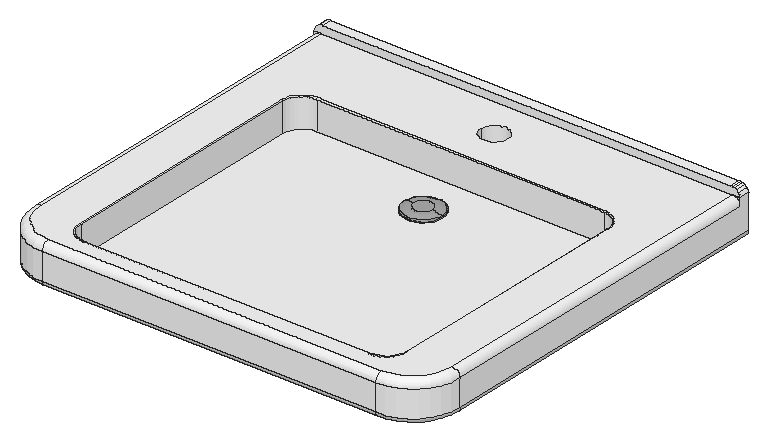
Revit family "NLRS_74_PF_UN_wastafel_S8309705000_SPHINX_BCB", category Plumbing Fixtures, Revit 2016
Family settings
  Part Type = Normal
  Round Connector Dimension = Use Radius
  OmniClass Number = 23.45.00.00
  OmniClass Title = Sanitary, Laundry, and Cleaning Equipment
  Work Plane-Based = No
  Always vertical = Yes
  Cut with Voids When Loaded = No
  Shared = No
  Room Calculation Point = No
Parameters (values of type "rolstoelwastafel 55 cm zonder overloop")
  NLRS_C_type = "Rolstoelwastafel"
  NLRS_C_serie = "300 Comfort"
  NLRS_C_revit_versie = "2016"
  NLRS_C_content_versie = "2.0"
  NLRS_C_content_provider = "BouwConnect"
  NLRS_C_content_datum_uitgifte = "APR-2018"
  NLRS_C_content_datum_gewijzigd = "APR-2018"
  NLRS_C_content_creator = "BouwConnect"
  NLRS_C_URL_product_data = "http://www.sphinx.nl/producten/wastafels-%7C-fonteinen/rolstoelwastafels/sphinx-300-comfort-%7C-rolstoelwastafel-55-cm/27763/"
  aansluiting = ""
  Waste Connection = yes
  WFU = 0
  URL = "http://www.sphinx.nl/"
  Type Comments = ""
  NLRS_S_gewicht = 15.60 kg
  NLRS_C_materiaal = none
  NLRS_C_lengte = 525 mm
  NLRS_C_hoogte = 155 mm
  NLRS_C_diameter_uit = 45 mm
  NLRS_C_diameter_in = 35 mm
  NLRS_C_breedte = 550 mm
  Model = "rolstoelwastafel 55 cm zonder overloop"  # constant formula
  Manufacturer = "Sphinx"  # constant formula
  Keynote = ""
  IfcTypeProduct = "IfcSanitaryTerminalType"
  IfcExportType = "SINK"
  IfcExportAs = "IfcSanitaryTerminalTypeEnum"
  IfcElement = "IfcFlowTerminal"
  NLRS_C_code_EAN = "8711754391215"
  Description = "wastafel"
  CWFU = 0
  NLRS_C_URL_BCB = "http://bcb-online.nl/?zoekterm=Sphinx+++%5bGeberit+B.V.%5d"
  Assembly Code = "47.11"
Reference planes
  plane 1 "Center (Front/Back)": y = 0
  plane 2: z = 0
  plane 3 "Center (Left/Right)": x = 0
  plane 4: y = -180
Forms (mm)
  Extrusion 1, solid, material "74_porcelein_wit", detail levels medium+fine
    sketch origin (0, 0, 0) x (1, 0, 0) y (0, 1, 0)
      loop
        arc (-275, -465) -> (-257.426, -507.426) -> (-215, -525) r 60
        line (-215, -525) -> (215, -525)
        arc (215, -525) -> (257.426, -507.426) -> (275, -465) r 60
        line (275, -465) -> (275, 0) -> (-275, 0) -> (-275, -465)
    from -50.014 to 0
  Extrusion 2, solid, material "74_porcelein_wit", detail levels medium+fine
    sketch origin (0, 0, 0) x (0, 1, 0) y (0, 0, 1)
      loop
        line (0, -50.014) -> (-492.723, -50.014)
        arc (-492.723, -50.014) -> (-477.891, -55.528) -> (-462.226, -57.763) r 74.026
        arc (-462.226, -57.763) -> (-379.979, -79.137) -> (-302.104, -113.149) r 540.026
        arc (-302.104, -113.149) -> (-296.731, -115.523) -> (-291.193, -117.48) r 76.744
        arc (-291.193, -117.48) -> (-289.035, -118.026) -> (-286.828, -118.223) r 13.974
        arc (-286.828, -118.223) -> (-251.222, -119.742) -> (-215.8, -123.677) r 524.377
        arc (-215.8, -123.677) -> (-172.549, -129.225) -> (-129.545, -136.441) r 1127.293
        arc (-129.545, -136.441) -> (-64.845, -141.753) -> (0, -144.85) r 1897.649
        line (0, -144.85) -> (0, -50.014)
    from -235 to 231.418
  Extrusion 3, void, detail levels medium+fine
    sketch origin (0, 6.935, -26.421) x (1, 0, 0) y (0, 0.069756, 0.997564)
      loop
        arc (-210.407, -63.423) -> (-213.91, -57.842) -> (-216.119, -51.635) r 30.221
        arc (-216.119, -51.635) -> (-216.372, -50.201) -> (-216.456, -48.747) r 12.522
        line (-216.456, -48.747) -> (-216.456, -41.917) -> (-256.076, -41.917) -> (-256.076, -160.013) -> (243.924, -160.013) -> (243.924, -41.917) -> (216.456, -41.917) -> (216.456, -43.917) -> (216.456, -45.917)
        arc (216.456, -45.917) -> (214.716, -55.663) -> (209.71, -64.205) r 28.162
        arc (209.71, -64.205) -> (208.736, -65.292) -> (207.71, -66.33) r 30.215
        arc (207.71, -66.33) -> (205.408, -68.164) -> (202.802, -69.532) r 15.566
        arc (202.802, -69.532) -> (0.779, -109.468) -> (-201.374, -70.196) r 535.406
        arc (-201.374, -70.196) -> (-206.33, -67.395) -> (-210.407, -63.423) r 22.134
    from -235 to 499.704
  Extrusion 4, void, detail levels medium+fine
    sketch origin (0, 0, 0) x (1, 0, 0) y (0, 1, 0)
      loop
        arc (-185, -120) -> (-202.678, -127.322) -> (-210, -145) r 25
        line (-210, -145) -> (-210, -470)
        arc (-210, -470) -> (-202.678, -487.678) -> (-185, -495) r 25
        line (-185, -495) -> (185, -495)
        arc (185, -495) -> (202.678, -487.678) -> (210, -470) r 25
        line (210, -470) -> (210, -145)
        arc (210, -145) -> (202.678, -127.322) -> (185, -120) r 25
        line (185, -120) -> (-185, -120)
    from -38 to 35.969
  Extrusion 5, solid, material "74_porcelein_wit", detail levels medium+fine
    sketch origin (0, 0, 0) x (1, 0, 0) y (0, 0, 1)
      loop
        arc (-262.623, 10.15) -> (-264.989, 9.907) -> (-267.255, 9.186) r 11.603
        arc (-267.255, 9.186) -> (-267.943, 8.865) -> (-268.614, 8.511) r 14.963
        arc (-268.614, 8.511) -> (-269.097, 8.215) -> (-269.558, 7.884) r 7.685
        arc (-269.558, 7.884) -> (-271.186, 6.402) -> (-272.559, 4.681) r 13.934
        arc (-272.559, 4.681) -> (-273.914, 2.41) -> (-275, 0) r 23.156
        line (-275, 0) -> (275, 0)
        arc (275, 0) -> (273.914, 2.41) -> (272.559, 4.681) r 23.156
        arc (272.559, 4.681) -> (271.406, 6.161) -> (270.064, 7.472) r 13.934
        arc (270.064, 7.472) -> (269.123, 8.185) -> (268.107, 8.783) r 10.138
        arc (268.107, 8.783) -> (266.943, 9.317) -> (265.739, 9.751) r 14.963
        arc (265.739, 9.751) -> (264.442, 10.05) -> (263.115, 10.15) r 8.808
        line (263.115, 10.15) -> (-262.623, 10.15)
    from 0 to 13
  Revolve 6, solid, material "74_porcelein_wit", detail levels medium+fine
    sketch origin (0, -180, 0) x (1, 0, 0) y (0, 0, 1)
      loop
        line (0, -150) -> (0, -120) -> (-35.989, -120) -> (-34.417, -150) -> (0, -150)
      axis (0, -120) -> (0, -150)
    angle from 0 to 360
  Sweep 7, void, detail levels medium+fine
    path origin (0, 0, 0) x (1, 0, 0) y (0, 1, 0)
      loop
        line (-275, -13) -> (-275, -465)
        arc (-275, -465) -> (-257.426, -507.426) -> (-215, -525) r 60
        line (-215, -525) -> (215, -525)
        arc (215, -525) -> (257.426, -507.426) -> (275, -465) r 60
        line (275, -465) -> (275, -13)
    profile origin (-275, -239, 0) x (1, 0, 0) y (0, 0, 1)
      loop
        line (10, 0) -> (10, 3) -> (-3, 3) -> (-3, -10) -> (0, -10)
        arc (0, -10) -> (2.929, -2.929) -> (10, 0) r 10
  Sweep 8, void, detail levels medium+fine
    path origin (0, 0, 0) x (1, 0, 0) y (0, 1, 0)
      loop
        line (-275, 0) -> (-275, -465)
        arc (-275, -465) -> (-257.426, -507.426) -> (-215, -525) r 60
        line (-215, -525) -> (215, -525)
        arc (215, -525) -> (257.426, -507.426) -> (275, -465) r 60
        line (275, -465) -> (275, 0)
    profile origin (-275, -232.5, 0) x (1, 0, 0) y (0, 0, 1)
      loop
        arc (6, -50.014) -> (1.757, -48.256) -> (0, -44.014) r 6
        line (0, -44.014) -> (-3, -44.014) -> (-3, -53.014) -> (6, -53.014) -> (6, -50.014)
  Sweep 9, void, detail levels medium+fine
    path origin (0, 0, 0) x (1, 0, 0) y (0, 1, 0)
      loop
        line (-210, -145) -> (-210, -470)
        arc (-210, -470) -> (-202.678, -487.678) -> (-185, -495) r 25
        line (-185, -495) -> (185, -495)
        arc (185, -495) -> (202.678, -487.678) -> (210, -470) r 25
        line (210, -470) -> (210, -145)
        arc (210, -145) -> (202.678, -127.322) -> (185, -120) r 25
        line (185, -120) -> (-185, -120)
        arc (-185, -120) -> (-202.678, -127.322) -> (-210, -145) r 25
    profile origin (-210, -307.5, 0) x (1, 0, 0) y (0, 0, 1)
      loop
        arc (-1, 0) -> (-0.293, -0.293) -> (0, -1) r 1
        line (0, -1) -> (2, -1) -> (2, 2) -> (-1, 2) -> (-1, 0)
  Extrusion 10, void, detail levels medium+fine
    sketch origin (0, 0, 0) x (1, 0, 0) y (0, 0, 1)
      loop
        line (-235, -67.956) -> (-216.456, -67.956) -> (-216.456, -50.014) -> (-235, -50.014) -> (-235, -67.956)
    from -235 to 265.659
  Extrusion 11, void, detail levels medium+fine
    sketch origin (451.456, 0, 0) x (1, 0, 0) y (0, 0, 1)
      loop
        line (-235, -67.956) -> (-216.456, -67.956) -> (-216.456, -50.014) -> (-235, -50.014) -> (-235, -67.956)
    from -235 to 265.659
  Extrusion 12, solid, material "74_porcelein_wit", detail levels coarse
    sketch origin (0, 5, 0) x (1, 0, 0) y (0, 1, 0)
      loop
        arc (-275, -465) -> (-257.426, -507.426) -> (-215, -525) r 60
        line (-215, -525) -> (215, -525)
        arc (215, -525) -> (257.426, -507.426) -> (275, -465) r 60
        line (275, -465) -> (275, -5) -> (-275, -5) -> (-275, -465)
    from -150 to 0
  Extrusion 13, void, detail levels coarse
    sketch origin (0, 0, 0) x (1, 0, 0) y (0, 1, 0)
      loop
        arc (-185, -120) -> (-202.678, -127.322) -> (-210, -145) r 25
        line (-210, -145) -> (-210, -470)
        arc (-210, -470) -> (-202.678, -487.678) -> (-185, -495) r 25
        line (-185, -495) -> (185, -495)
        arc (185, -495) -> (202.678, -487.678) -> (210, -470) r 25
        line (210, -470) -> (210, -145)
        arc (210, -145) -> (202.678, -127.322) -> (185, -120) r 25
        line (185, -120) -> (-185, -120)
    from -84.629 to 35.969
  Extrusion 14, void, detail levels medium+fine
    sketch origin (1007.881, -153.028, 0) x (1, 0, 0) y (0, 1, 0)
      loop
        circle (-1007.881, 88.028) r 17.5
    from -22.35 to 5
  Extrusion 15, void
    sketch origin (-91.487, 4.076, 0) x (1, 0, 0) y (0, 1, 0)
      loop
        circle (91.487, -184.076) r 23.5
    from -393.618 to 5
  Extrusion 16, solid, not visible
    sketch origin (0, 0, -120) x (1, 0, 0) y (0, 1, 0)
      loop
        circle (0, -180) r 22.5
    from 0 to 5
Cuts and joins
  Extrusion 3, Extrusion 4, Sweep 7, Sweep 8, Sweep 9, Extrusion 11, Extrusion 14, Extrusion 15 cuts Extrusion 1
  Extrusion 3, Extrusion 10, Extrusion 11, Extrusion 15 cuts Extrusion 2
  Sweep 7 cuts Extrusion 5
  Extrusion 13 cuts Extrusion 12
  Extrusion 15 cuts Revolve 6
Dimensions and locks
  aligned and locked: level to plane 2
Nested families
  nested 1: "SPHINX_-_Afvoerplug_Parametrisch" at (0, -180, -38), type "SPHINX_-_Afvoerplug_Parametrisch"
Connectors
  piping at (0, -180, -120), diameter 50, driven by "WFU"
    settings: on Extrusion 16, index 1, connector inside diameter 50 mm, connector length 0 mm, flow factor 0, pipe flow 0.0 L/s, pressure drop 0.0 Pa, fitting loss kfactor 0, connector angle 0.00°, fixture units 0, engagement length 0 mm, angle of deflection 0.00°, flow configuration 3, flow direction 2, fitting loss method 0, system type 16, joint type 0, gender type 0, connector reference index -1, connector utility 0, adjustable connector no, is connector primary yes, connector description "out"
Definition of nested family "SPHINX_-_Afvoerplug_Parametrisch"
  Parameters
    straal = diameter / 2  # 25 mm
    materiaal = none
    diameter = 50 mm
    binnen_diameter = straal - 13 mm  # 12 mm
  Reference planes
    plane 1 "Center (Front/Back)": y = 0
    plane 2: z = 0
    plane 3 "Center (Left/Right)": x = 0
    plane 4: x = -25
    plane 5: x = 25
    plane 6: z = 5
    plane 7: y = 25
    plane 8: y = -25
  Forms (mm)
    Sweep 1, solid, material <- "materiaal"
      path origin (0, 0, 0) x (1, 0, 0) y (0, 1, 0)
        loop
          circle (0, 0) r 25
      profile origin (25, 0, 0) x (-1, 0, 0) y (0, 0, 1)
        loop
          line (0, 0) -> (14, 0) -> (14, 5) -> (13.032, 5)
          arc (13.032, 5) -> (6.828, 4.352) -> (0.893, 2.434) r 30
          arc (0.893, 2.434) -> (0.243, 1.881) -> (0, 1.063) r 1.5
          line (0, 1.063) -> (0, 0)
    Extrusion 2, solid, material <- "materiaal"
      sketch origin (0, 0, 0) x (1, 0, 0) y (0, 1, 0)
        loop
          circle (0, 0) r 12
      from 0 to 5
  Cuts and joins
    joined: Sweep 1, Extrusion 2
  Dimensions and locks
    "diameter": plane 4 to plane 5
    equal spacing: plane 4, plane 3 "Center (Left/Right)", plane 5
    plane 6 to plane 2 = 5 mm
    "straal": radius of Sweep 1 sketch curve
    "binnen_diameter": radius of Extrusion 2 sketch curve
    aligned and locked: level to plane 2
    aligned and locked: Sweep 1 sketch curve to plane 6
    aligned and locked: plane 6 to Extrusion 2
  Automatic sketch dimensions
    Sweep 1 sketch curve to profile plane = 0 mm
    Sweep 1 sketch curve to level = 0 mm
    Sweep 1 sketch curve to Sweep 1 sketch curve = 1.5 mm
    Sweep 1 sketch curve to profile plane = 13.032 mm
    Sweep 1 sketch curve to Sweep 1 sketch curve = 0.968 mm
    Sweep 1 sketch curve to level = 25 mm
    level to Sweep 1 sketch curve = 1.063 mm
    plane 1 "Center (Front/Back)" to Sweep 1 sketch curve = 0 mm
    Sweep 1 sketch curve to plane 3 "Center (Left/Right)" = 0 mm
    plane 1 "Center (Front/Back)" to Extrusion 2 sketch curve = 0 mm
    Extrusion 2 sketch curve to plane 3 "Center (Left/Right)" = 0 mm
